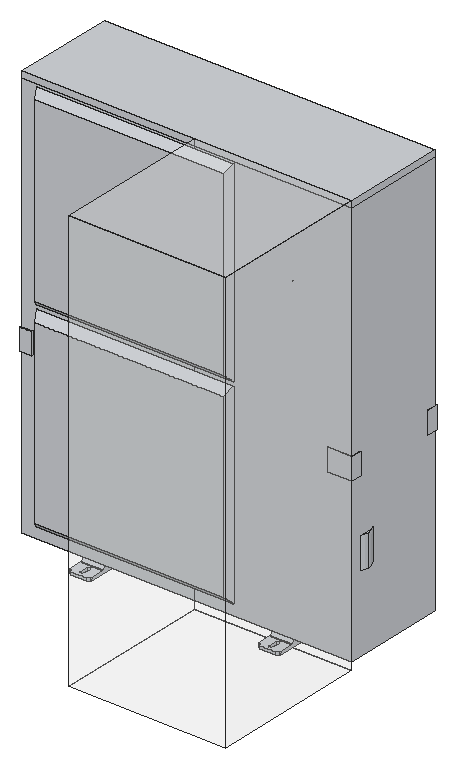
Revit family "pumy-fmp80km3_280hm3_50hz", category 機械設備, Revit 2019 (continued)
Definition of nested family "PUMY-FMP-2"
  Lines and regions (mm)
    symbolic lines, visible <- "表示", detail levels coarse+medium
      curve 29: arc (496.543, 25, 630) -> (491.785, 36.485, 630) -> (480.3, 41.243, 630) r 16.243
      curve 30: arc (496.543, -25, 630) -> (491.785, -36.485, 630) -> (480.3, -41.243, 630) r 16.243
      curve 39: line (-479.7, -48.757, 630) -> (480.3, -48.757, 630)
      curve 40: line (-495.943, -115, 630) -> (-495.943, -65, 630)
      curve 41: line (480.3, -131.243, 630) -> (-479.7, -131.243, 630)
      curve 42: line (496.543, -65, 630) -> (496.543, -115, 630)
      curve 43: arc (-479.7, -48.757, 630) -> (-491.185, -53.515, 630) -> (-495.943, -65, 630) r 16.243
      curve 44: arc (-495.943, -115, 630) -> (-491.185, -126.485, 630) -> (-479.7, -131.243, 630) r 16.243
      curve 45: arc (496.543, -65, 630) -> (491.785, -53.515, 630) -> (480.3, -48.757, 630) r 16.243
      curve 46: arc (496.543, -115, 630) -> (491.785, -126.485, 630) -> (480.3, -131.243, 630) r 16.243
      curve 146: line (233.978, 179.923, 207) -> (-344.835, 179.923, 207)
      curve 147: line (-265, 179.923, 207) -> (-265, 199.4, 207)
      curve 148: line (-265, 199.4, 207) -> (-294, 199.4, 207)
      curve 149: line (-335, 199.4, 207) -> (-335, 179.923, 207)
      curve 150: line (-344.835, 179.923, 207) -> (-463.396, 179.923, 207)
      curve 151: line (-463.396, 179.923, 207) -> (-472.012, 165, 207)
      curve 152: line (-454.732, 165, 207) -> (-525, 165, 207)
      curve 153: line (-525, 165, 207) -> (-525, -165, 207)
      curve 154: line (-525, -165, 207) -> (-70.251, -165, 207)
      curve 155: line (-474.702, -165, 207) -> (-462.801, -190, 207)
      curve 156: line (-462.801, -190, 207) -> (-363.551, -190, 207)
      curve 157: line (-335, -190, 207) -> (-335, -217.6, 207)
      curve 158: line (-335, -217.6, 207) -> (-265, -217.6, 207)
      curve 159: line (-265, -217.6, 207) -> (-265, -190, 207)
      curve 160: line (-363.551, -190, 207) -> (136.799, -190, 207)
      curve 161: line (136.799, -190, 207) -> (148.7, -165, 207)
      curve 162: line (-70.251, -165, 207) -> (443.334, -165, 207)
      curve 163: line (265, -165, 207) -> (265, -217.6, 207)
      curve 164: line (265, -217.6, 207) -> (335, -217.6, 207)
      curve 165: line (335, -217.6, 207) -> (335, -165, 207)
      curve 166: line (443.334, -165, 207) -> (525, -165, 207)
      curve 167: line (525, -165, 207) -> (525, 165, 207)
      curve 168: line (525, 165, 207) -> (-454.732, 165, 207)
      curve 169: line (335, 165, 207) -> (335, 199.4, 207)
      curve 170: line (335, 199.4, 207) -> (306, 199.4, 207)
      curve 171: line (265, 199.4, 207) -> (265, 165, 207)
      curve 172: line (242.594, 165, 207) -> (233.978, 179.923, 207)
      curve 173: line (-306, 179.923, 207) -> (-306, 199.4, 207)
      curve 174: line (-294, 199.4, 207) -> (-294, 179.923, 207)
      curve 175: line (294, 180.4, 207) -> (294, 199.4, 207)
      curve 176: line (306, 199.4, 207) -> (306, 180.4, 207)
      curve 177: arc (306, -203.6, 207) -> (300, -209.6, 207) -> (294, -203.6, 207) r 6
      curve 178: line (306, -179.6, 207) -> (306, -203.6, 207)
      curve 179: line (294, -203.6, 207) -> (294, -179.6, 207)
      curve 180: arc (-294, -203.6, 207) -> (-300, -209.6, 207) -> (-306, -203.6, 207) r 6
      curve 181: line (-306, 199.4, 207) -> (-335, 199.4, 207)
      curve 182: line (294, 199.4, 207) -> (265, 199.4, 207)
      curve 183: arc (306, 180.4, 207) -> (300, 174.4, 207) -> (294, 180.4, 207) r 6
      curve 258: arc (306, -179.6, 207) -> (300, -173.6, 207) -> (294, -179.6, 207) r 6
      curve 259: line (-294, -189.773, 207) -> (-294, -203.6, 207)
      curve 260: line (-306, -189.773, 207) -> (-306, -203.6, 207)
  Dimensions and locks
    locked: plane 12 to level at 26
    plane 11 to plane 12 = 1292 mm
    locked: plane 5 to plane 11 at 20
    "D": plane 9 to plane 8
    "W": plane 6 to plane 7
    equal spacing: plane 9, plane 1 "中心(正面/背面)", plane 8
    equal spacing: plane 6, plane 4, plane 7
    "H": plane 5 to level
    aligned and locked: level to plane 2
    aligned and locked: Extrusion 2 to plane 11
    aligned and locked: plane 5 to Extrusion 2
    aligned and locked: plane 11 to Extrusion 1
  Automatic sketch dimensions
    Extrusion 1 sketch curve to plane 7 = 0 mm
    Extrusion 1 sketch curve to plane 6 = 0 mm
    plane 8 to Extrusion 1 sketch curve = 0 mm
    plane 9 to Extrusion 1 sketch curve = 0 mm
    Extrusion 2 sketch curve to plane 7 = 0 mm
    Extrusion 2 sketch curve to plane 6 = 0 mm
    plane 8 to Extrusion 2 sketch curve = 0 mm
    plane 9 to Extrusion 2 sketch curve = 0 mm
    plane 6 to Blend 3 sketch curve = 50.298 mm
    plane 12 to Blend 3 sketch curve = 33.346 mm
    plane 3 "中心(左/右)" to Blend 3 sketch curve = 148.7 mm
    Blend 3 sketch curve to Blend 3 sketch curve = 620.109 mm
    plane 6 to Blend 3 sketch curve = 62.199 mm
    plane 12 to Blend 3 sketch curve = 56.9 mm
    plane 3 "中心(左/右)" to Blend 3 sketch curve = 136.799 mm
    Blend 3 sketch curve to Blend 3 sketch curve = 573 mm
    curve 42 to plane 7 = 28.457 mm
    curve 26 to plane 7 = 28.457 mm
    curve 10 to plane 7 = 28.457 mm
    curve 45 to curve 39 = 16.243 mm
    curve 46 to curve 41 = 16.243 mm
    curve 14 to curve 14 = 16.243 mm
    curve 30 to curve 30 = 16.243 mm
    curve 23 to curve 14 = 0 mm
    curve 13 to curve 7 = 16.243 mm
    plane 6 to curve 7 = 45.3 mm
    plane 1 "中心(正面/背面)" to curve 28 = 25 mm
    plane 6 to curve 28 = 45.3 mm
    plane 6 to curve 44 = 45.3 mm
    curve 27 to plane 1 "中心(正面/背面)" = 25 mm
    plane 6 to curve 27 = 45.3 mm
    curve 12 to curve 27 = 0 mm
    curve 39 to curve 25 = 0 mm
    curve 43 to curve 40 = 16.243 mm
    curve 27 to curve 24 = 16.243 mm
    curve 11 to curve 8 = 16.243 mm
    curve 9 to curve 23 = 7.515 mm
    plane 8 to curve 13 = 50 mm
    curve 30 to curve 39 = 7.515 mm
    curve 44 to plane 9 = 50 mm
    Masking region 1 sketch curve to plane 6 = 0 mm
    plane 9 to Masking region 1 sketch curve = 0 mm  (x3)
    plane 8 to Masking region 1 sketch curve = 0 mm  (x3)
    plane 10 to Masking region 1 sketch curve = 0 mm  (x2)
    Masking region 1 sketch curve to plane 7 = 0 mm
    Masking region 1 sketch curve to Masking region 1 sketch curve = 50.298 mm
    Masking region 1 sketch curve to Masking region 1 sketch curve = 52.988 mm
    Masking region 1 sketch curve to plane 8 = 14.923 mm  (x2)
    Masking region 1 sketch curve to Masking region 1 sketch curve = 8.616 mm  (x2)
    Masking region 1 sketch curve to Masking region 1 sketch curve = 11.901 mm  (x2)
    plane 10 to Masking region 1 sketch curve = 27.6 mm  (x2)
    Masking region 1 sketch curve to Masking region 1 sketch curve = 127.801 mm
    Masking region 1 sketch curve to Masking region 1 sketch curve = 128.396 mm
    Masking region 1 sketch curve to Masking region 1 sketch curve = 70 mm  (x4)
    plane 3 "中心(左/右)" to Masking region 1 sketch curve = 136.799 mm
    Masking region 1 sketch curve to Masking region 1 sketch curve = 116.3 mm
    plane 3 "中心(左/右)" to Masking region 1 sketch curve = 233.978 mm
    Masking region 1 sketch curve to Masking region 1 sketch curve = 22.406 mm
    Masking region 1 sketch curve to Masking region 1 sketch curve = 19.477 mm
    Masking region 1 sketch curve to Masking region 1 sketch curve = 34.4 mm
    Blend 3 to curve 53 = 0 mm
    Blend 3 to curve 51 = 0 mm
    curve 100 to Blend 3 = 0 mm  (x2)
    curve 99 to Blend 3 = 0 mm  (x2)
    curve 98 to Blend 3 = 0 mm  (x2)
    curve 97 to Blend 3 = 0 mm  (x2)
    curve 96 to Blend 3 = 0 mm  (x2)
    curve 95 to Blend 3 = 0 mm  (x2)
    curve 94 to Blend 3 = 0 mm  (x2)
    curve 93 to Blend 3 = 0 mm  (x2)
    curve 92 to Blend 3 = 0 mm  (x2)
    curve 91 to Blend 3 = 0 mm  (x2)
    curve 90 to Blend 3 = 0 mm  (x2)
    curve 89 to Blend 3 = 0 mm  (x2)
    curve 88 to Blend 3 = 0 mm  (x2)
    curve 87 to Blend 3 = 0 mm  (x2)
    curve 86 to Blend 3 = 0 mm  (x2)
    curve 85 to Blend 3 = 0 mm  (x2)
    curve 84 to Blend 3 = 0 mm  (x2)
    curve 83 to Blend 3 = 0 mm  (x2)
    curve 82 to Blend 3 = 0 mm  (x2)
    curve 81 to Blend 3 = 0 mm  (x2)
    curve 80 to Blend 3 = 0 mm  (x2)
    curve 79 to Blend 3 = 0 mm  (x2)
    curve 78 to Blend 3 = 0 mm  (x2)
    curve 77 to Blend 3 = 0 mm  (x2)
    curve 6 to Blend 3 = 0 mm  (x2)
    curve 55 to Blend 3 = 0 mm  (x2)
    curve 56 to Blend 3 = 0 mm  (x2)
    curve 57 to Blend 3 = 0 mm  (x2)
    curve 58 to Blend 3 = 0 mm  (x2)
    curve 59 to Blend 3 = 0 mm  (x2)
    curve 60 to Blend 3 = 0 mm  (x2)
    curve 61 to Blend 3 = 0 mm  (x2)
    curve 62 to Blend 3 = 0 mm  (x2)
    curve 63 to Blend 3 = 0 mm  (x2)
    curve 64 to Blend 3 = 0 mm  (x2)
    curve 65 to Blend 3 = 0 mm  (x2)
    curve 66 to Blend 3 = 0 mm  (x2)
    curve 67 to Blend 3 = 0 mm  (x2)
    curve 68 to Blend 3 = 0 mm  (x2)
    curve 69 to Blend 3 = 0 mm  (x2)
    curve 70 to Blend 3 = 0 mm  (x2)
    curve 71 to Blend 3 = 0 mm  (x2)
    curve 72 to Blend 3 = 0 mm  (x2)
    curve 73 to Blend 3 = 0 mm  (x2)
    curve 74 to Blend 3 = 0 mm  (x2)
    curve 75 to Blend 3 = 0 mm  (x2)
    curve 76 to Blend 3 = 0 mm  (x2)
    curve 184 to Blend 3 = 0 mm  (x2)
    curve 185 to Blend 3 = 0 mm  (x2)
    curve 186 to Blend 3 = 0 mm  (x2)
    curve 187 to Blend 3 = 0 mm  (x2)
    curve 188 to Blend 3 = 0 mm  (x2)
    curve 189 to Blend 3 = 0 mm  (x2)
    curve 190 to Blend 3 = 0 mm  (x2)
    curve 51 to Blend 3 = 0 mm
    curve 53 to Blend 3 = 0 mm
    Blend 3 to curve 54 = 0 mm
    Blend 3 to curve 5 = 0 mm
    curve 52 to Blend 3 = 0 mm
    curve 100 to Blend 3 = 5.8 mm
    curve 100 to curve 99 = 9 mm
    curve 99 to curve 98 = 9 mm
    curve 98 to curve 97 = 9 mm
    curve 97 to curve 96 = 11.4 mm
    curve 96 to curve 95 = 11.4 mm
    curve 95 to curve 94 = 11.4 mm
    curve 94 to curve 93 = 11.4 mm
    curve 93 to curve 92 = 11.4 mm
    curve 92 to curve 91 = 11.4 mm
    curve 91 to curve 90 = 11.4 mm
    curve 90 to curve 89 = 11.4 mm
    curve 89 to curve 88 = 11.4 mm
    curve 88 to curve 87 = 11.4 mm
    curve 87 to curve 86 = 11.4 mm
    curve 86 to curve 85 = 11.4 mm
    curve 85 to curve 84 = 11.4 mm
    curve 84 to curve 83 = 11.4 mm
    curve 83 to curve 82 = 11.4 mm
    curve 82 to curve 81 = 11.4 mm
    curve 81 to curve 80 = 11.4 mm
    curve 80 to curve 79 = 11.4 mm
    curve 79 to curve 78 = 11.4 mm
    curve 78 to curve 77 = 11.4 mm
    curve 77 to curve 6 = 11.4 mm
    curve 6 to curve 55 = 11.4 mm
    curve 55 to curve 56 = 11.4 mm
    curve 56 to curve 57 = 11.4 mm
    curve 57 to curve 58 = 11.4 mm
    curve 58 to curve 59 = 11.4 mm
    curve 59 to curve 60 = 11.4 mm
    curve 60 to curve 61 = 11.4 mm
    curve 61 to curve 62 = 11.4 mm
    curve 62 to curve 63 = 11.4 mm
    curve 63 to curve 64 = 11.4 mm
    curve 64 to curve 65 = 11.4 mm
    curve 65 to curve 66 = 11.4 mm
    curve 66 to curve 67 = 11.4 mm
    curve 67 to curve 68 = 11.4 mm
    curve 68 to curve 69 = 11.4 mm
    curve 69 to curve 70 = 11.4 mm
    curve 70 to curve 71 = 11.4 mm
    curve 71 to curve 72 = 11.4 mm
    curve 72 to curve 73 = 11.4 mm
    curve 73 to curve 74 = 11.4 mm
    curve 74 to curve 75 = 11.4 mm
    curve 75 to curve 76 = 11.4 mm
    curve 76 to curve 184 = 11.4 mm
    curve 184 to curve 185 = 11.4 mm
    curve 185 to curve 186 = 11.4 mm
    curve 186 to curve 187 = 11.4 mm
    curve 187 to curve 188 = 9 mm
    curve 188 to curve 189 = 9 mm
    curve 190 to Blend 3 = 4 mm
    curve 5 to Blend 3 = 0 mm
    curve 54 to Blend 3 = 0 mm
    Blend 3 to curve 52 = 0 mm
    curve 54 to Blend 3 = 95.006 mm
    curve 54 to curve 53 = 94.994 mm
    curve 53 to curve 5 = 95.006 mm
    curve 5 to curve 51 = 94.994 mm
    curve 51 to curve 52 = 95 mm
    Extrusion 4 sketch curve to level = 0 mm
    Extrusion 4 sketch curve to plane 12 = 0 mm
    plane 9 to Extrusion 4 sketch curve = 1.332 mm
    Extrusion 4 sketch curve to plane 9 = 1.266 mm
    Extrusion 4 sketch curve to plane 9 = 7.693 mm
    Extrusion 4 sketch curve to plane 12 = 2.484 mm
    Extrusion 4 sketch curve to Extrusion 4 sketch curve = 1.434 mm
    Extrusion 4 sketch curve to plane 12 = 1.791 mm
    plane 8 to Extrusion 4 sketch curve = 8.727 mm
    Extrusion 4 sketch curve to Extrusion 4 sketch curve = 1.034 mm
    plane 8 to Extrusion 4 sketch curve = 0.466 mm
    Extrusion 4 sketch curve to plane 8 = 2.132 mm
    level to Extrusion 4 sketch curve = 8.4 mm  (x2)
    Extrusion 4 sketch curve to Extrusion 4 sketch curve = 1.5 mm  (x2)
    curve 22 to plane 7 = 28.457 mm
    curve 4 to plane 7 = 28.457 mm
    curve 38 to plane 7 = 28.457 mm
    curve 49 to curve 35 = 16.243 mm
    curve 50 to curve 36 = 16.243 mm
    curve 17 to curve 17 = 16.243 mm
    curve 18 to curve 18 = 16.243 mm
    curve 19 to curve 18 = 0 mm
    curve 20 to curve 35 = 0 mm
    plane 1 "中心(正面/背面)" to curve 32 = 25 mm
    plane 6 to curve 32 = 45.3 mm
    plane 6 to curve 2 = 45.3 mm
    curve 31 to curve 2 = 0 mm
    plane 6 to curve 15 = 45.3 mm
    plane 6 to curve 48 = 45.3 mm
    curve 35 to curve 20 = 0 mm
    curve 48 to curve 37 = 16.243 mm
    curve 31 to curve 21 = 16.243 mm
    curve 16 to curve 3 = 16.243 mm
    curve 21 to plane 1 "中心(正面/背面)" = 25 mm
    curve 2 to curve 31 = 7.515 mm
    curve 3 to curve 3 = 50 mm
    curve 34 to curve 35 = 7.515 mm
    curve 48 to plane 9 = 50 mm
    plane 8 to Extrusion 5 sketch curve = 0 mm
    plane 3 "中心(左/右)" to Extrusion 5 sketch curve = 242.594 mm
    Extrusion 5 sketch curve to Extrusion 5 sketch curve = 8.616 mm  (x2)
    Extrusion 5 sketch curve to plane 8 = 14.923 mm
    plane 6 to Extrusion 5 sketch curve = 61.604 mm
    curve 125 to Extrusion 5 = 0 mm
    Extrusion 5 to curve 125 = 0 mm
    Extrusion 6 sketch curve to plane 7 = 0 mm  (x2)
    plane 8 to Extrusion 6 sketch curve = 0 mm  (x2)
    plane 9 to Extrusion 6 sketch curve = 0 mm  (x2)
    Extrusion 6 sketch curve to plane 6 = 0 mm  (x2)
    plane 7 to Extrusion 6 sketch curve = 2.8 mm  (x2)
    Extrusion 6 sketch curve to Extrusion 6 sketch curve = 76.1 mm  (x2)
    plane 6 to Extrusion 6 sketch curve = 35 mm  (x2)
    Extrusion 6 sketch curve to Extrusion 6 sketch curve = 2.8 mm  (x2)
    Extrusion 6 sketch curve to plane 6 = 2.8 mm
    Extrusion 6 sketch curve to plane 8 = 2.8 mm  (x2)
    plane 8 to Extrusion 6 sketch curve = 32.2 mm
    plane 8 to Extrusion 6 sketch curve = 74.2 mm
    Extrusion 6 sketch curve to plane 9 = 74.2 mm
    Extrusion 6 sketch curve to plane 9 = 32.2 mm
    plane 9 to Extrusion 6 sketch curve = 2.8 mm
    curve 168 to plane 7 = 0 mm
    plane 9 to curve 162 = 0 mm
    plane 8 to curve 169 = 0 mm
    plane 10 to curve 161 = 0 mm
    curve 153 to plane 6 = 0 mm
    curve 166 to curve 162 = 81.666 mm
    curve 169 to plane 8 = 34.4 mm
    curve 169 to plane 7 = 190 mm
    plane 10 to curve 164 = 27.6 mm
    curve 162 to curve 164 = 108.334 mm
    curve 169 to curve 170 = 29 mm
    curve 164 to curve 178 = 29 mm
    curve 183 to curve 183 = 6 mm
    curve 258 to curve 258 = 6 mm
    curve 177 to curve 163 = 29 mm
    curve 175 to curve 171 = 29 mm
    curve 172 to plane 8 = 14.923 mm
    curve 163 to curve 161 = 128.201 mm
    curve 154 to plane 3 "中心(左/右)" = 70.251 mm
    plane 10 to curve 159 = 27.6 mm
    curve 154 to curve 159 = 194.749 mm
    curve 148 to plane 8 = 34.4 mm
    curve 148 to plane 3 "中心(左/右)" = 265 mm
    curve 147 to curve 174 = 29 mm
    curve 159 to curve 180 = 35 mm
    curve 148 to curve 181 = 12 mm
    curve 173 to curve 149 = 29 mm
    curve 180 to curve 157 = 35 mm
    curve 149 to curve 146 = 9.835 mm
    curve 157 to curve 160 = 28.551 mm
    plane 6 to curve 155 = 62.199 mm
    plane 6 to curve 150 = 61.604 mm
    curve 152 to curve 150 = 8.664 mm
    curve 170 to curve 182 = 0 mm
    curve 149 to curve 149 = 19.477 mm
    curve 175 to plane 8 = 15.4 mm
    curve 179 to plane 10 = 10.4 mm
    plane 10 to curve 177 = 13.6 mm
    curve 161 to curve 160 = 11.901 mm
    curve 259 to plane 10 = 0.227 mm
    curve 259 to curve 180 = 6 mm
    curve 155 to curve 155 = 11.901 mm
    curve 174 to plane 8 = 14.923 mm
    curve 173 to curve 174 = 0 mm
    curve 163 to plane 10 = 25 mm
    curve 165 to plane 10 = 25 mm
    curve 260 to plane 10 = 0.227 mm
    plane 9 to Extrusion 8 sketch curve = 1.332 mm  (x2)
    Extrusion 8 sketch curve to plane 7 = 190 mm  (x2)
    Extrusion 8 sketch curve to plane 8 = 2.132 mm  (x4)
    Extrusion 8 sketch curve to Extrusion 8 sketch curve = 3 mm  (x7)
    Extrusion 8 sketch curve to Extrusion 8 sketch curve = 2 mm  (x8)
    Extrusion 8 sketch curve to Extrusion 8 sketch curve = 5 mm  (x14)
    Extrusion 8 sketch curve to Extrusion 8 sketch curve = 14 mm  (x6)
    Extrusion 8 sketch curve to plane 10 = 10.4 mm  (x2)
    Extrusion 8 sketch curve to Extrusion 8 sketch curve = 29 mm  (x2)
    Extrusion 8 sketch curve to Extrusion 8 sketch curve = 6 mm  (x4)
    Extrusion 8 sketch curve to Extrusion 8 sketch curve = 19 mm  (x3)
    plane 6 to Extrusion 8 sketch curve = 260 mm  (x2)
    Extrusion 8 sketch curve to plane 8 = 26.4 mm
    Extrusion 8 sketch curve to Extrusion 8 sketch curve = 32.268 mm
    plane 10 to Extrusion 8 sketch curve = 13.6 mm  (x2)
    plane 10 to Extrusion 8 sketch curve = 19.6 mm  (x2)
    Extrusion 9 sketch curve to level = 0 mm
    Extrusion 9 sketch curve to plane 12 = 0 mm
    plane 9 to Extrusion 9 sketch curve = 1.332 mm
    Extrusion 9 sketch curve to plane 9 = 1.266 mm
    Extrusion 9 sketch curve to plane 9 = 7.693 mm
    Extrusion 9 sketch curve to plane 12 = 2.484 mm
    Extrusion 9 sketch curve to Extrusion 9 sketch curve = 1.434 mm
    Extrusion 9 sketch curve to plane 12 = 1.791 mm
    plane 8 to Extrusion 9 sketch curve = 8.727 mm
    Extrusion 9 sketch curve to Extrusion 9 sketch curve = 1.034 mm
    plane 8 to Extrusion 9 sketch curve = 0.466 mm
    Extrusion 9 sketch curve to plane 8 = 2.132 mm
    level to Extrusion 9 sketch curve = 8.4 mm  (x2)
    Extrusion 9 sketch curve to Extrusion 9 sketch curve = 1.5 mm  (x2)
    plane 10 to curve 180 = 13.6 mm
    curve 145 to plane 11 = 0 mm
    curve 145 to plane 12 = 0 mm
    curve 381 to plane 1 "中心(正面/背面)" = 0 mm
    curve 420 to plane 1 "中心(正面/背面)" = 0 mm
    curve 418 to plane 1 "中心(正面/背面)" = 0 mm
    curve 300 to plane 1 "中心(正面/背面)" = 0 mm
    curve 382 to plane 1 "中心(正面/背面)" = 0 mm
    curve 332 to plane 1 "中心(正面/背面)" = 0 mm
    curve 330 to plane 1 "中心(正面/背面)" = 0 mm
    curve 349 to plane 1 "中心(正面/背面)" = 0 mm
    curve 266 to plane 1 "中心(正面/背面)" = 0 mm
    curve 298 to plane 1 "中心(正面/背面)" = 0 mm
    curve 350 to plane 1 "中心(正面/背面)" = 0 mm
    curve 268 to plane 1 "中心(正面/背面)" = 0 mm
    curve 264 to curve 268 = 11 mm
    plane 1 "中心(正面/背面)" to curve 416 = 11 mm
    plane 1 "中心(正面/背面)" to curve 352 = 11 mm
    plane 1 "中心(正面/背面)" to curve 296 = 11 mm
    plane 1 "中心(正面/背面)" to curve 328 = 11 mm
    plane 1 "中心(正面/背面)" to curve 384 = 11 mm
    curve 407 to curve 416 = 13 mm
    curve 343 to curve 352 = 13 mm
    curve 106 to curve 264 = 13 mm
    curve 319 to curve 328 = 13 mm
    curve 375 to curve 384 = 13 mm
    curve 287 to curve 296 = 13 mm
    curve 291 to curve 291 = 11 mm
    curve 373 to curve 377 = 11 mm
    curve 104 to curve 108 = 11 mm
    curve 105 to curve 110 = 11 mm
    curve 289 to curve 289 = 11 mm
    curve 411 to curve 411 = 11 mm
    curve 409 to curve 409 = 11 mm
    curve 317 to curve 286 = 0 mm
    curve 318 to curve 323 = 11 mm
    curve 379 to curve 379 = 11 mm
    curve 347 to curve 347 = 11 mm
    curve 341 to curve 318 = 0 mm
    curve 104 to curve 108 = 12 mm
    curve 406 to curve 406 = 12 mm
    curve 342 to curve 347 = 12 mm
    curve 341 to curve 345 = 12 mm
    curve 290 to curve 289 = 12 mm
    curve 105 to curve 290 = 0 mm
    curve 373 to curve 342 = 0 mm
    curve 324 to curve 323 = 12 mm
    curve 374 to curve 379 = 12 mm
    curve 292 to curve 291 = 12 mm
    curve 322 to curve 321 = 12 mm
    curve 405 to curve 374 = 0 mm
    curve 408 to curve 412 = 11 mm
    curve 344 to curve 348 = 11 mm
    curve 376 to curve 380 = 11 mm
    curve 320 to curve 322 = 11 mm
    curve 288 to curve 290 = 11 mm
    curve 107 to curve 111 = 11 mm
    curve 267 to plane 1 "中心(正面/背面)" = 12 mm
    curve 325 to curve 325 = 12 mm
    curve 326 to curve 326 = 12 mm
    curve 388 to curve 387 = 12 mm
    curve 349 to curve 326 = 0 mm
    curve 261 to plane 1 "中心(正面/背面)" = 12 mm
    curve 381 to curve 381 = 12 mm
    curve 413 to curve 382 = 0 mm
    curve 414 to curve 414 = 12 mm
    curve 350 to curve 385 = 0 mm
    curve 293 to curve 262 = 0 mm
    curve 300 to curve 299 = 12 mm
    curve 299 to curve 295 = 11 mm
    curve 355 to curve 351 = 11 mm
    curve 267 to curve 263 = 11 mm
    curve 419 to curve 415 = 11 mm
    curve 331 to curve 327 = 11 mm
    curve 385 to curve 383 = 11 mm
    curve 263 to curve 272 = 13 mm
    curve 415 to curve 424 = 13 mm
    curve 383 to curve 392 = 13 mm
    curve 327 to curve 336 = 13 mm
    curve 295 to curve 304 = 13 mm
    curve 351 to curve 360 = 13 mm
    curve 308 to curve 302 = 11 mm
    curve 364 to curve 358 = 11 mm
    curve 428 to curve 428 = 11 mm
    curve 362 to curve 357 = 11 mm
    curve 426 to curve 426 = 11 mm
    curve 306 to curve 306 = 11 mm
    curve 274 to curve 274 = 11 mm
    curve 276 to curve 276 = 11 mm
    curve 389 to curve 358 = 0 mm
    curve 390 to curve 426 = 0 mm
    curve 340 to curve 340 = 11 mm
    curve 338 to curve 338 = 11 mm
    curve 362 to curve 361 = 12 mm
    curve 334 to curve 361 = 0 mm
    curve 396 to curve 395 = 12 mm
    curve 333 to curve 333 = 12 mm
    curve 301 to curve 301 = 12 mm
    curve 270 to curve 305 = 0 mm
    curve 269 to curve 269 = 12 mm
    curve 302 to curve 337 = 0 mm
    curve 421 to curve 390 = 0 mm
    curve 428 to curve 427 = 12 mm
    curve 394 to curve 393 = 12 mm
    curve 364 to curve 363 = 12 mm
    curve 361 to curve 359 = 11 mm
    curve 427 to curve 423 = 11 mm
    curve 393 to curve 391 = 11 mm
    curve 307 to curve 303 = 11 mm
    curve 273 to curve 271 = 11 mm
    curve 339 to curve 335 = 11 mm
    curve 359 to curve 368 = 13 mm
    curve 423 to curve 432 = 13 mm
    curve 303 to curve 312 = 13 mm
    curve 391 to curve 400 = 13 mm
    curve 271 to curve 280 = 13 mm
    curve 404 to curve 404 = 11 mm
    curve 436 to curve 436 = 11 mm
    curve 434 to curve 434 = 11 mm
    curve 402 to curve 402 = 11 mm
    curve 372 to curve 372 = 11 mm
    curve 282 to curve 282 = 11 mm
    curve 370 to curve 370 = 11 mm
    curve 284 to curve 284 = 11 mm
    curve 316 to curve 316 = 11 mm
    curve 309 to curve 278 = 0 mm
    curve 314 to curve 313 = 12 mm
    curve 436 to curve 435 = 12 mm
    curve 404 to curve 403 = 12 mm
    curve 316 to curve 315 = 12 mm
    curve 397 to curve 397 = 12 mm
    curve 278 to curve 313 = 0 mm
    curve 277 to curve 277 = 12 mm
    curve 365 to curve 365 = 12 mm
    curve 366 to curve 401 = 0 mm
    curve 434 to curve 433 = 12 mm
    curve 433 to curve 431 = 11 mm
    curve 371 to curve 367 = 11 mm
    curve 283 to curve 279 = 11 mm
    curve 313 to curve 311 = 11 mm
    curve 403 to curve 399 = 11 mm
    plane 12 to curve 104 = 67 mm
    plane 12 to curve 277 = 67 mm
    curve 269 to curve 280 = 11 mm
    curve 261 to curve 272 = 11 mm
    curve 266 to curve 268 = 173 mm
    curve 106 to curve 264 = 0 mm
    curve 263 to curve 280 = 0 mm
    curve 271 to curve 280 = 0 mm
    curve 111 to curve 285 = 9 mm
    curve 278 to curve 309 = 9 mm
    curve 270 to curve 301 = 9 mm
    curve 262 to curve 293 = 9 mm
    curve 288 to curve 288 = 173 mm
    curve 287 to curve 299 = 0 mm
    curve 295 to curve 303 = 0 mm
    curve 303 to curve 315 = 0 mm
    curve 286 to curve 317 = 9 mm
    curve 302 to curve 333 = 9 mm
    curve 294 to curve 325 = 9 mm
    curve 327 to curve 327 = 173 mm
    curve 327 to curve 339 = 0 mm
    curve 320 to curve 328 = 0 mm
    curve 318 to curve 341 = 9 mm
    curve 335 to curve 365 = 20 mm
    curve 334 to curve 357 = 9 mm
    curve 326 to curve 349 = 9 mm
    curve 344 to curve 344 = 173 mm
    curve 343 to curve 355 = 0 mm
    curve 351 to curve 359 = 0 mm
    curve 359 to curve 371 = 0 mm
    curve 366 to curve 397 = 9 mm
    curve 342 to curve 373 = 9 mm
    curve 358 to curve 389 = 9 mm
    curve 350 to curve 381 = 9 mm
    curve 385 to curve 387 = 173 mm
    curve 383 to curve 400 = 0 mm
    curve 391 to curve 400 = 0 mm
    curve 380 to curve 384 = 0 mm
    curve 374 to curve 405 = 9 mm
    curve 390 to curve 421 = 9 mm
    curve 382 to curve 413 = 9 mm
    curve 398 to curve 429 = 9 mm
    curve 436 to plane 11 = 21 mm
    curve 420 to plane 11 = 21 mm
    curve 407 to curve 416 = 0 mm
    curve 423 to curve 432 = 0 mm
    curve 145 to curve 109 = 28.4 mm
    curve 102 to Extrusion 1 = 0 mm
    curve 103 to Extrusion 1 = 0 mm
    curve 101 to Extrusion 1 = 0 mm  (x2)
    curve 254 to Extrusion 1 = 183.757 mm
    curve 254 to curve 256 = 11.243 mm
    curve 254 to curve 253 = 11.243 mm
    curve 252 to curve 252 = 106 mm
    curve 257 to curve 255 = 106 mm
    curve 255 to curve 250 = 11.243 mm
    Extrusion 1 to curve 256 = 222.757 mm
    Extrusion 1 to curve 251 = 227.6 mm
    curve 252 to curve 102 = 58 mm
    Extrusion 1 to curve 103 = 181 mm
    curve 103 to curve 102 = 23 mm
    curve 119 to plane 9 = 0 mm
    curve 118 to plane 9 = 0 mm
    curve 120 to plane 11 = 0 mm
    curve 120 to plane 12 = 0 mm
    curve 118 to plane 8 = 0 mm
    curve 119 to plane 8 = 0 mm
    plane 1 "中心(正面/背面)" to curve 122 = 3.614 mm
    curve 484 to plane 1 "中心(正面/背面)" = 5.672 mm
    curve 460 to plane 1 "中心(正面/背面)" = 5.672 mm
    curve 472 to plane 1 "中心(正面/背面)" = 5.672 mm  (x2)
    curve 502 to plane 1 "中心(正面/背面)" = 5.672 mm
    curve 466 to plane 1 "中心(正面/背面)" = 5.672 mm  (x2)
    curve 113 to plane 1 "中心(正面/背面)" = 5.672 mm  (x2)
    curve 454 to plane 1 "中心(正面/背面)" = 5.672 mm
    curve 496 to plane 1 "中心(正面/背面)" = 5.672 mm  (x2)
    curve 478 to plane 1 "中心(正面/背面)" = 5.672 mm
    curve 490 to plane 1 "中心(正面/背面)" = 5.672 mm  (x2)
    curve 477 to plane 1 "中心(正面/背面)" = 5.672 mm
    curve 483 to plane 1 "中心(正面/背面)" = 5.672 mm
    curve 501 to plane 1 "中心(正面/背面)" = 5.672 mm
    curve 459 to plane 1 "中心(正面/背面)" = 5.672 mm
    curve 453 to plane 1 "中心(正面/背面)" = 5.672 mm
    curve 121 to plane 1 "中心(正面/背面)" = 8.3 mm
    curve 493 to curve 491 = 3 mm
    curve 454 to curve 455 = 3 mm
    curve 487 to curve 487 = 3 mm
    curve 460 to curve 461 = 3 mm
    curve 499 to curve 497 = 3 mm
    curve 478 to curve 481 = 3 mm
    curve 113 to curve 116 = 3 mm
    curve 472 to curve 475 = 3 mm
    curve 505 to curve 503 = 3 mm
    curve 466 to curve 469 = 3 mm
    curve 457 to curve 458 = 65.657 mm
    curve 481 to curve 482 = 65.657 mm
    curve 476 to curve 482 = 0 mm
    curve 461 to curve 455 = 0 mm
    curve 485 to curve 479 = 0 mm
    curve 114 to curve 458 = 0 mm
    curve 500 to curve 506 = 0 mm
    curve 491 to curve 500 = 0 mm
    curve 467 to curve 476 = 0 mm
    curve 491 to curve 495 = 3 mm
    curve 467 to curve 471 = 3 mm
    curve 485 to curve 492 = 3 mm
    curve 117 to curve 115 = 3 mm  (x2)
    curve 461 to curve 465 = 3 mm
    curve 497 to curve 501 = 3 mm
    curve 479 to curve 486 = 3 mm
    curve 455 to curve 462 = 3 mm
    curve 114 to curve 453 = 3 mm
    curve 473 to curve 477 = 3 mm
    curve 482 to curve 480 = 3 mm
    curve 500 to curve 498 = 3 mm
    curve 458 to curve 456 = 3 mm
    curve 494 to curve 492 = 3 mm
    curve 506 to curve 504 = 3 mm
    curve 464 to curve 462 = 3 mm
    curve 488 to curve 486 = 3 mm
    curve 476 to curve 474 = 3 mm
    curve 470 to curve 468 = 3 mm
    curve 447 to plane 11 = 21 mm
    plane 8 to curve 447 = 233.243 mm
    curve 447 to curve 448 = 11.243 mm
    curve 446 to curve 446 = 11.243 mm
    curve 446 to curve 452 = 12 mm
    curve 449 to curve 449 = 12 mm
    curve 450 to curve 451 = 11.243 mm
    curve 450 to curve 439 = 34.515 mm
    curve 439 to curve 440 = 11.243 mm
    curve 439 to curve 438 = 11.243 mm
    curve 437 to plane 11 = 9.757 mm
    curve 437 to curve 437 = 59 mm
    curve 441 to curve 441 = 59 mm
    curve 442 to curve 443 = 11.243 mm
    plane 12 to curve 123 = 22.65 mm
    curve 122 to curve 122 = 110 mm
    plane 12 to curve 449 = 216.757 mm
    curve 112 to curve 115 = 13.561 mm
    curve 112 to curve 113 = 13.561 mm
    curve 113 to curve 116 = 0 mm
    curve 114 to curve 456 = 3.439 mm
    curve 453 to curve 456 = 13.561 mm
    curve 453 to curve 454 = 13.561 mm
    curve 456 to curve 458 = 0 mm
    curve 455 to curve 459 = 3.439 mm
    curve 459 to curve 462 = 13.561 mm
    curve 459 to curve 460 = 13.561 mm
    curve 460 to curve 463 = 0 mm
    curve 461 to curve 465 = 3.439 mm
    curve 465 to curve 468 = 13.561 mm
    curve 465 to curve 466 = 13.561 mm
    curve 468 to curve 470 = 0 mm
    curve 467 to curve 474 = 3.439 mm
    curve 471 to curve 474 = 13.561 mm
    curve 471 to curve 472 = 13.561 mm
    curve 474 to curve 476 = 0 mm
    curve 473 to curve 477 = 3.439 mm
    curve 477 to curve 480 = 13.561 mm
    curve 477 to curve 478 = 13.561 mm
    curve 480 to curve 482 = 0 mm
    curve 479 to curve 486 = 3.439 mm
    curve 483 to curve 486 = 13.561 mm
    curve 483 to curve 484 = 13.561 mm
    curve 486 to curve 488 = 0 mm
    curve 485 to curve 489 = 3.439 mm
    curve 489 to curve 492 = 13.561 mm
    curve 489 to curve 490 = 13.561 mm
    curve 493 to curve 493 = 0 mm
    curve 491 to curve 495 = 3.439 mm
    curve 495 to curve 498 = 13.561 mm
    curve 495 to curve 496 = 13.561 mm
    curve 498 to curve 500 = 0 mm
    curve 497 to curve 501 = 3.439 mm
    curve 501 to curve 504 = 13.561 mm
    curve 501 to curve 502 = 13.561 mm
    curve 504 to curve 506 = 0 mm
    curve 450 to curve 441 = 238.657 mm
    plane 1 "中心(正面/背面)" to curve 120 = 12 mm
    curve 119 to curve 112 = 72.4 mm
    curve 119 to curve 118 = 23 mm
    curve 144 to plane 11 = 0 mm
    curve 144 to plane 12 = 0 mm
    curve 143 to plane 7 = 0 mm
    curve 142 to plane 7 = 0 mm
    curve 139 to plane 11 = 21.4 mm
    curve 139 to plane 7 = 86.757 mm
    curve 138 to curve 138 = 11.243 mm
    curve 141 to curve 139 = 11.243 mm
    curve 141 to curve 141 = 38 mm
    curve 136 to curve 138 = 38 mm
    curve 135 to curve 134 = 11.243 mm
    curve 131 to curve 135 = 12.515 mm
    curve 133 to curve 131 = 11.243 mm
    curve 130 to curve 130 = 11.243 mm
    curve 133 to curve 133 = 38 mm
    curve 128 to plane 11 = 21.4 mm
    curve 128 to curve 130 = 38 mm
    curve 127 to curve 128 = 11.243 mm
    plane 12 to curve 133 = 216.257 mm
    curve 141 to curve 131 = 11.243 mm
    curve 142 to curve 133 = 38.1 mm
    curve 143 to curve 133 = 58.257 mm
    curve 143 to curve 142 = 23 mm
    plane 6 to Blend 7 sketch curve = 50.298 mm
    plane 3 "中心(左/右)" to Blend 7 sketch curve = 148.7 mm
    Blend 7 sketch curve to plane 11 = 626.254 mm
    Blend 7 sketch curve to plane 11 = 6.146 mm
    plane 6 to Blend 7 sketch curve = 62.199 mm
    plane 3 "中心(左/右)" to Blend 7 sketch curve = 136.799 mm
    Blend 7 sketch curve to plane 11 = 602.7 mm
    Blend 7 sketch curve to plane 11 = 29.7 mm
    Blend 7 to curve 195 = 0 mm
    Blend 7 to curve 193 = 0 mm
    curve 242 to Blend 7 = 0 mm  (x2)
    curve 241 to Blend 7 = 0 mm  (x2)
    curve 240 to Blend 7 = 0 mm  (x2)
    curve 239 to Blend 7 = 0 mm  (x2)
    curve 238 to Blend 7 = 0 mm  (x2)
    curve 237 to Blend 7 = 0 mm  (x2)
    curve 236 to Blend 7 = 0 mm  (x2)
    curve 235 to Blend 7 = 0 mm  (x2)
    curve 234 to Blend 7 = 0 mm  (x2)
    curve 233 to Blend 7 = 0 mm  (x2)
    curve 232 to Blend 7 = 0 mm  (x2)
    curve 231 to Blend 7 = 0 mm  (x2)
    curve 230 to Blend 7 = 0 mm  (x2)
    curve 229 to Blend 7 = 0 mm  (x2)
    curve 228 to Blend 7 = 0 mm  (x2)
    curve 227 to Blend 7 = 0 mm  (x2)
    curve 226 to Blend 7 = 0 mm  (x2)
    curve 225 to Blend 7 = 0 mm  (x2)
    curve 224 to Blend 7 = 0 mm  (x2)
    curve 223 to Blend 7 = 0 mm  (x2)
    curve 222 to Blend 7 = 0 mm  (x2)
    curve 221 to Blend 7 = 0 mm  (x2)
    curve 220 to Blend 7 = 0 mm  (x2)
    curve 219 to Blend 7 = 0 mm  (x2)
    curve 192 to Blend 7 = 0 mm  (x2)
    curve 197 to Blend 7 = 0 mm  (x2)
    curve 198 to Blend 7 = 0 mm  (x2)
    curve 199 to Blend 7 = 0 mm  (x2)
    curve 200 to Blend 7 = 0 mm  (x2)
    curve 201 to Blend 7 = 0 mm  (x2)
    curve 202 to Blend 7 = 0 mm  (x2)
    curve 203 to Blend 7 = 0 mm  (x2)
    curve 204 to Blend 7 = 0 mm  (x2)
    curve 205 to Blend 7 = 0 mm  (x2)
    curve 206 to Blend 7 = 0 mm  (x2)
    curve 207 to Blend 7 = 0 mm  (x2)
    curve 208 to Blend 7 = 0 mm  (x2)
    curve 209 to Blend 7 = 0 mm  (x2)
    curve 210 to Blend 7 = 0 mm  (x2)
    curve 211 to Blend 7 = 0 mm  (x2)
    curve 212 to Blend 7 = 0 mm  (x2)
    curve 213 to Blend 7 = 0 mm  (x2)
    curve 214 to Blend 7 = 0 mm  (x2)
    curve 215 to Blend 7 = 0 mm  (x2)
    curve 216 to Blend 7 = 0 mm  (x2)
    curve 217 to Blend 7 = 0 mm  (x2)
    curve 218 to Blend 7 = 0 mm  (x2)
    curve 243 to Blend 7 = 0 mm  (x2)
    curve 244 to Blend 7 = 0 mm  (x2)
    curve 245 to Blend 7 = 0 mm  (x2)
    curve 246 to Blend 7 = 0 mm  (x2)
    curve 247 to Blend 7 = 0 mm  (x2)
    curve 248 to Blend 7 = 0 mm  (x2)
    curve 249 to Blend 7 = 0 mm  (x2)
    curve 193 to Blend 7 = 0 mm
    curve 195 to Blend 7 = 0 mm
    Blend 7 to curve 196 = 0 mm
    Blend 7 to curve 191 = 0 mm
    curve 194 to Blend 7 = 0 mm
    curve 242 to Blend 7 = 5.8 mm
    curve 242 to curve 241 = 9 mm
    curve 241 to curve 240 = 9 mm
    curve 240 to curve 239 = 9 mm
    curve 239 to curve 238 = 11.4 mm
    curve 238 to curve 237 = 11.4 mm
    curve 237 to curve 236 = 11.4 mm
    curve 236 to curve 235 = 11.4 mm
    curve 235 to curve 234 = 11.4 mm
    curve 234 to curve 233 = 11.4 mm
    curve 233 to curve 232 = 11.4 mm
    curve 232 to curve 231 = 11.4 mm
    curve 231 to curve 230 = 11.4 mm
    curve 230 to curve 229 = 11.4 mm
    curve 229 to curve 228 = 11.4 mm
    curve 228 to curve 227 = 11.4 mm
    curve 227 to curve 226 = 11.4 mm
    curve 226 to curve 225 = 11.4 mm
    curve 225 to curve 224 = 11.4 mm
    curve 224 to curve 223 = 11.4 mm
    curve 223 to curve 222 = 11.4 mm
    curve 222 to curve 221 = 11.4 mm
    curve 221 to curve 220 = 11.4 mm
    curve 220 to curve 219 = 11.4 mm
    curve 219 to curve 192 = 11.4 mm
    curve 192 to curve 197 = 11.4 mm
    curve 197 to curve 198 = 11.4 mm
    curve 198 to curve 199 = 11.4 mm
    curve 199 to curve 200 = 11.4 mm
    curve 200 to curve 201 = 11.4 mm
    curve 201 to curve 202 = 11.4 mm
    curve 202 to curve 203 = 11.4 mm
    curve 203 to curve 204 = 11.4 mm
    curve 204 to curve 205 = 11.4 mm
    curve 205 to curve 206 = 11.4 mm
    curve 206 to curve 207 = 11.4 mm
    curve 207 to curve 208 = 11.4 mm
    curve 208 to curve 209 = 11.4 mm
    curve 209 to curve 210 = 11.4 mm
    curve 210 to curve 211 = 11.4 mm
    curve 211 to curve 212 = 11.4 mm
    curve 212 to curve 213 = 11.4 mm
    curve 213 to curve 214 = 11.4 mm
    curve 214 to curve 215 = 11.4 mm
    curve 215 to curve 216 = 11.4 mm
    curve 216 to curve 217 = 11.4 mm
    curve 217 to curve 218 = 11.4 mm
    curve 218 to curve 243 = 11.4 mm
    curve 243 to curve 244 = 11.4 mm
    curve 244 to curve 245 = 11.4 mm
    curve 245 to curve 246 = 11.4 mm
    curve 246 to curve 247 = 9 mm
    curve 247 to curve 248 = 9 mm
    curve 249 to Blend 7 = 4 mm
    curve 191 to Blend 7 = 0 mm
    curve 196 to Blend 7 = 0 mm
    Blend 7 to curve 194 = 0 mm
    curve 196 to Blend 7 = 95.006 mm
    curve 196 to curve 195 = 94.994 mm
    curve 195 to curve 191 = 95.006 mm
    curve 191 to curve 193 = 94.994 mm
    curve 193 to curve 194 = 95 mm
    curve 506 to curve 489 = 3 mm
    curve 121 to curve 115 = 97.75 mm
    curve 172 to curve 168 = 697.326 mm
    curve 172 to curve 172 = 8.616 mm
    curve 150 to curve 151 = 8.616 mm
Definition of nested family "固定点"
  Parameters (values of type "固定点")
    中心円 = if(W > 599 mm, 12 mm, 10 mm)  # 12 mm
    W = 1000 mm
    D = 1000 mm
  Reference planes
    plane 1 "中心(正面/背面)": y = 0
    plane 2: z = 0
    plane 3 "中心(左/右)": x = 0
    plane 4: x = 1000
    plane 5: y = 1000
  Lines and regions (mm)
    symbolic lines, detail levels fine
      curve 1: circle (0, 1000, 0) r 6 normal (0, 0, 1)
      curve 2: circle (0, 0, 0) r 6 normal (0, 0, 1)
      curve 3: circle (1000, 1000, 0) r 6 normal (0, 0, 1)
      curve 4: circle (1000, 0, 0) r 6 normal (0, 0, 1)
      curve 5: line (-200, 1000, 0) -> (1200, 1000, 0)
      curve 6: line (-200, 0, 0) -> (1200, 0, 0)
      curve 7: line (0, 1200, 0) -> (0, -200, 0)
      curve 8: line (1000, 1200, 0) -> (1000, -200, 0)
  Dimensions and locks
    "W": plane 3 "中心(左/右)" to plane 4
    "D": plane 1 "中心(正面/背面)" to plane 5
    "中心円": diameter of curve 1
    "中心円": diameter of curve 2
    "中心円": diameter of curve 3
    "中心円": diameter of curve 4
    aligned and locked: level to plane 2
    aligned and locked: plane 5 to curve 1
    aligned and locked: plane 3 "中心(左/右)" to curve 1
    aligned and locked: plane 3 "中心(左/右)" to curve 2
    aligned and locked: plane 1 "中心(正面/背面)" to curve 2
    aligned and locked: plane 4 to curve 3
    aligned and locked: plane 5 to curve 3
    aligned and locked: plane 1 "中心(正面/背面)" to curve 4
    aligned and locked: plane 4 to curve 4
    aligned and locked: plane 1 "中心(正面/背面)" to curve 6
    aligned and locked: curve 7 to plane 3 "中心(左/右)"
    aligned and locked: curve 8 to plane 4
  Automatic sketch dimensions
    curve 5 to plane 5 = 0 mm
    curve 6 to plane 3 "中心(左/右)" = 200 mm
    curve 5 to plane 3 "中心(左/右)" = 200 mm
    curve 4 to curve 6 = 200 mm
    curve 3 to curve 5 = 200 mm
    plane 1 "中心(正面/背面)" to curve 8 = 200 mm
    plane 1 "中心(正面/背面)" to curve 7 = 200 mm
    curve 3 to curve 8 = 200 mm
    curve 1 to curve 7 = 200 mm
Types (2, lengths in mm): name | 風量 (㎥/min) | 風量 | 音響パワーレベル_暖房 (dB) | 音響パワーレベル_冷房 (dB) | 音響パワーレベル(dB) | 電動機出力_送風機 | 電動機出力_圧縮機 | 消費電力_暖房 | 消費電力_冷房 | 消費電力 | 最小電線太さ_mm2 | 最大電流値 | 暖房能力 | 推奨ブレーカー容量 | 冷房能力 | モデル | URL | COP_暖房 | COP_冷房 | COP
  PUMY-FMP280HM3 | 140 | 8400.0 m³/h | 82 | 82 | 82 | 0.4 kW | 5.43 kW | 7.18 kW | 9.45 kW | 9.45 kW | 14 | 39 A | 28 kW | 50 A | 25 kW | "PUMY-FMP280HM3" | "https://www.mitsubishielectric.co.jp/ldg/wink/qr/002/357218/" | 3.89 | 2.64 | 3.265
  PUMY-FMP224HM3 | 130 | 7800.0 m³/h | 80 | 80 | 80 | 0.3 kW | 4.09 kW | 4.98 kW | 5.64 kW | 5.64 kW | 8 | 36 A | 22.4 kW | 40 A | 20 kW | "PUMY-FMP224HM3" | "https://www.mitsubishielectric.co.jp/ldg/wink/qr/002/357211/" | 4.49 | 3.54 | 4.015
